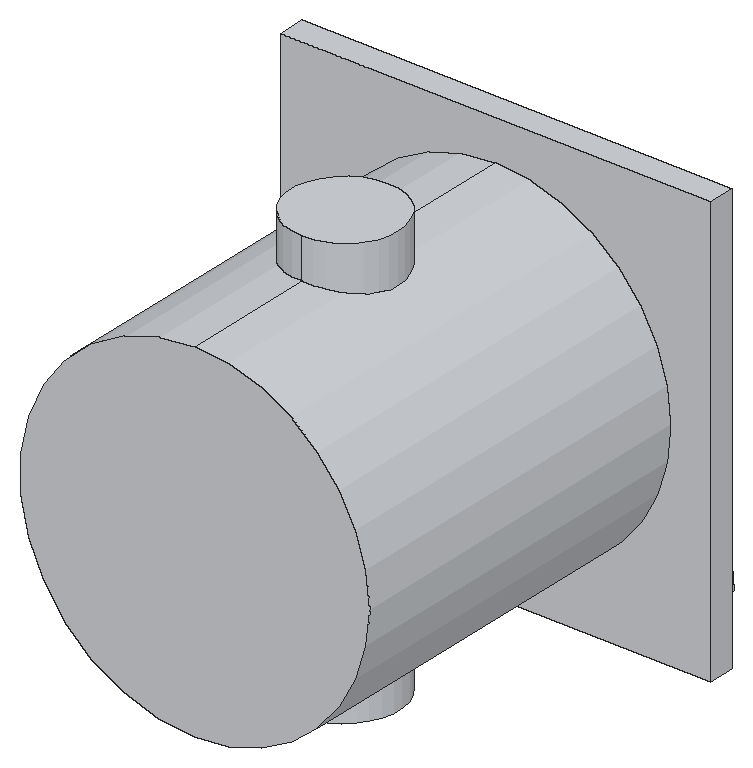
Revit family "LS_Serienschalter_V1700", category Lichtschalter, Revit 2017
Family settings
  Beschriftungsausrichtung beibehalten = Nein
  Bemaßung runder Anschluss = Durchmesser verwenden
  Teiletyp = Schalter
  OmniClass-Nummer = 23.85.80.11.27
  OmniClass-Titel = Lighting Controls
  Arbeitsebenenbasiert = Nein
  Immer vertikal = Ja
  Beim Laden mit Abzugskörper schneiden = Nein
  Gemeinsam genutzt = Nein
  Raumberechnungspunkt = Nein
Parameters (values of type "allgemein")
  pbr_Material_KZ = ""
  pbr_Material = none
  pbr_E_Typ = ""
  pbr_E_KZ = ""
  pbr_DINBild = 0
  pbr_Bild = 0
  pbr_3Dx_Delta_Korrekturversatz [instance] = 0 mm
  pbr_3DX_Versatzfaktor [instance] = 0
  pbr_2DY_Versatzfaktor [instance] = 2
  pbr_2DX_Versatzfaktor [instance] = 2
  lfd_STRK [instance] = 0
  cpiFitMatchKey [instance] = "E-LS-SCS-1"
  Zentrale [instance] = ""
  YFrontversatz [instance] = if(pbr_2DY_Versatzfaktor = 300, 0 mm, pbr_2DY_Versatzfaktor * 300 mm)  # 600 mm
  XSeitenversatz [instance] = if(pbr_2DX_Versatzfaktor = 0, 3000 mm, 3000 mm + (pbr_2DX_Versatzfaktor * 300 mm)) + Eckversatz  # 3600 mm
  Typ [instance] = ""
  Text3 [instance] = ""
  Text2 [instance] = ""
  Text1 [instance] = ""
  Serienschalter mit Leuchte = no
  Serienschalter = yes
  Schaltgruppe2 [instance] = 0
  Schaltgruppe1 [instance] = 0
  R_Leerrohranschluss = 10 mm
  Planungsbüro Rohling = "www.pbr.de"
  Niveau [instance] = 1100 mm
  Netzart = ""
  Menge(Dosenzahl) [instance] = 0
  Linie/Anschluss [instance] = ""
  Lastklassifizierung = none
  Installationsart [instance] = ""
  Info [instance] = ""
  IFC = ""
  Gewerk [instance] = "Schalt"
  Eckversatz [instance] = 0 mm
  Dosentiefe = 70 mm  # constant formula
  Dosenradius = 65 mm / 2  # 32.5 mm
  D_Leerrohranschluss = 2 * R_Leerrohranschluss  # 20 mm
  Breite = 80 mm
  3DX_Versatzkontrolle [instance] = if(pbr_3DX_Versatzfaktor = 0, (pbr_2DX_Versatzfaktor * -1), (((-1 * pbr_3DX_Versatzfaktor) + pbr_2DX_Versatzfaktor) * -1))  # -2
  3DX_Versatz [instance] = if([3DX_Versatzkontrolle] = 0, 2000 mm, 2000 mm + ([3DX_Versatzkontrolle] * (300 mm - Breite))) + pbr_3Dx_Delta_Korrekturversatz  # 1560 mm
  Platzierrahmen [instance] = no
Types (2, lengths in mm): name | pbr_2DY_Versatzfaktor | pbr_2DX_Versatzfaktor | YFrontversatz | XSeitenversatz | Serienschalter mit Leuchte | Serienschalter | 3DX_Versatzkontrolle | 3DX_Versatz
  allgemein | 2 | 2 | 600 | 3600 | no | yes | -2 | 1560
  Leuchte | 0 | 0 | 0 | 3000 | yes | no | 0 | 2000
Reference planes
  plane 1 "Mitte (Vorne/Hinten)": y = 0
  plane 2: z = 0
  plane 3 "Mitte (Links/Rechts)": x = 0
  plane 4: x = -125
  plane 5: x = 125
  plane 6: x = -40
  plane 7: x = 40
  plane 8: z = 1140
  plane 9: z = 1060
  plane 10 "SchalterVorne": y = 5
  plane 11 "3DSchalterMitte": x = 0
  plane 12: z = 1100
  plane 13: y = -70
  plane 14: y = -35
  plane 15: x = 600
  plane 16: x = -3000
  plane 17: y = 600
Forms (mm)
  Extrusion 1, solid
    sketch origin (0, 20, 0) x (0, 0, 1) y (-1, 0, 0)
      loop
        line (1060, 40) -> (1060, -40) -> (1140, -40) -> (1140, 40) -> (1060, 40)
    from 15 to 20
  Sweep 2, solid
    path origin (0, 0, 0) x (0, 0, 1) y (0, -1, 0)
      loop
        line (1100, 0) -> (1100, 70)
    profile origin (0, -35, 1100) x (0, 0, -1) y (1, 0, 0)
      loop
        circle (0, 0) r 32.5
  Sweep 3, solid
    path origin (0, 0, 0) x (1, 0, 0) y (0, 1, 0)
      loop
        line (-32.5, 0) -> (32.5, 0)
    profile origin (0, 0, 0) x (0, 1, 0) y (0, 0, 1)
      loop
        line (5, 1135) -> (5, 1066.102) -> (14.712, 1066.102) -> (7.47, 1135) -> (5, 1135)
  Sweep 4, solid
    path origin (0, 0, 0) x (0, 0, 1) y (0, -1, 0)
      loop
        line (1060, 35) -> (1140, 35)
    profile origin (0, -35, 1100) x (0, -1, 0) y (1, 0, 0)
      loop
        circle (0, 0) r 10
Cuts and joins
  joined: Sweep 2, Sweep 4
Dimensions and locks
  plane 4 to plane 5 = 250 mm
  plane 7 to plane 6 = 80 mm
  plane 8 to plane 9 = 80 mm
  equal spacing: plane 7, plane 11 "3DSchalterMitte", plane 6
  equal spacing: plane 8, plane 12, plane 9
  "Niveau": plane 12 to level
  "Dosentiefe": plane 1 "Mitte (Vorne/Hinten)" to plane 13
  plane 10 "SchalterVorne" to plane 1 "Mitte (Vorne/Hinten)" = 5 mm
  equal spacing: plane 13, plane 14, plane 1 "Mitte (Vorne/Hinten)"
  locked: Sweep 3 sketch curve to plane 8 at 5
  "Breite": plane 7 to plane 6
  locked: plane 16 to plane 11 "3DSchalterMitte" at 3000
  "XSeitenversatz": plane 16 to plane 15
  "YFrontversatz": plane 1 "Mitte (Vorne/Hinten)" to plane 17
  "Dosenradius": radius of Sweep 2 sketch curve
  "R_Leerrohranschluss": radius of Sweep 4 sketch curve
  aligned and locked: level to plane 2
  aligned and locked: plane 9 to Extrusion 1 sketch curve
  aligned and locked: Extrusion 1 sketch curve to plane 6
  aligned and locked: Extrusion 1 sketch curve to plane 8
  aligned and locked: plane 7 to Extrusion 1 sketch curve
  aligned and locked: plane 1 "Mitte (Vorne/Hinten)" to Extrusion 1
  aligned and locked: Extrusion 1 to plane 10 "SchalterVorne"
  aligned and locked: plane 15 to nested 2
  aligned and locked: nested 2 to plane 17
  aligned and locked: nested 1 to nested 2  (x2)
Automatic sketch dimensions
  Sweep 4 sketch curve to plane 9 = 0 mm
  plane 8 to Sweep 4 sketch curve = 0 mm
  Sweep 4 sketch curve to plane 14 = 0 mm
  Sweep 4 sketch curve to plane 11 "3DSchalterMitte" = 0 mm
  Sweep 4 sketch curve to profile plane = 0 mm
  Sweep 2 sketch curve to plane 12 = 0 mm
  Sweep 2 sketch curve to plane 1 "Mitte (Vorne/Hinten)" = 0 mm
  Sweep 2 sketch curve to plane 13 = 0 mm
  Sweep 2 sketch curve to plane 11 "3DSchalterMitte" = 0 mm
  Sweep 2 sketch curve to profile plane = 0 mm
  plane 1 "Mitte (Vorne/Hinten)" to Sweep 3 sketch curve = 0 mm
  plane 6 to Sweep 3 sketch curve = 7.5 mm
  Sweep 3 sketch curve to plane 7 = 7.5 mm
  Sweep 3 sketch curve to profile plane = 5 mm
  Sweep 3 sketch curve to Sweep 3 sketch curve = 2.47 mm
  Sweep 3 sketch curve to Sweep 3 sketch curve = 9.712 mm
  Sweep 3 sketch curve to Sweep 3 sketch curve = 68.898 mm
Nested families
  nested 1: "Serienschalter" at (600, 600, 0), visible <- "Serienschalter", type "Serienschalter"
  nested 2: "Serienschalter mit Beleuchtung" at (600, 600, 0), visible <- "Serienschalter mit Leuchte", type "Serienschalter mit Beleuchtung"
Connectors
  electrical at (0, -35, 1140)
    settings: on cut or joined group of Sweep 2, Sweep 4, index 3, voltage 230 V, apparent load 0 VA, apparent load phase1 0 VA, apparent load phase2 0 VA, apparent load phase3 0 VA, power factor 1, load classification "Standard", number of poles 1, system type 13, power factor state 1, is connector primary yes, connector utility no, sub classification motor no, connector description ""
  cabletrayconduit at (0, -35, 1140), diameter 20, driven by "D_Leerrohranschluss"
    settings: on cut or joined group of Sweep 2, Sweep 4, index 4, connector width 300 mm, connector height 300 mm, connector angle 0.00°, system type 32, placement type 0, profile type 0, connector reference index -1, is primary connector yes, connector utility param no, connector description ""
  cabletrayconduit at (0, -35, 1060), diameter 20, driven by "D_Leerrohranschluss"
    settings: on cut or joined group of Sweep 2, Sweep 4, index 5, connector width 300 mm, connector height 300 mm, connector angle 0.00°, system type 32, placement type 0, profile type 0, connector reference index -1, is primary connector no, connector utility param no, connector description ""
Definition of nested family "Serienschalter"
  Reference planes
    plane 1 "Mitte (Vorne/Hinten)": y = 0
    plane 2: z = 0
    plane 3 "Mitte (Links/Rechts)": x = 0
  Lines and regions (mm)
    detail lines, in view "Referenzebene"
      curve 1: circle (-2.109, 63.227, 0) r 66.5 normal (0, 0, 1)
      curve 2: line (29.04, 121.98, 0) -> (150.944, 263.954, 0)
      curve 3: line (150.944, 263.954, 0) -> (195.044, 219.456, 0)
      curve 4: line (-33.258, 121.98, 0) -> (-155.161, 263.954, 0)
      curve 5: line (-155.161, 263.954, 0) -> (-199.262, 219.456, 0)
Definition of nested family "Serienschalter mit Beleuchtung"
  Reference planes
    plane 1 "Mitte (Vorne/Hinten)": y = 0
    plane 2: z = 0
    plane 3 "Mitte (Links/Rechts)": x = 0
  Lines and regions (mm)
    detail lines, in view "Referenzebene"
      curve 1: circle (-2.109, 66.924, 0) r 66.5 normal (0, 0, 1)
      curve 2: line (-49.131, 113.946, 0) -> (44.914, 19.901, 0)
      curve 3: line (-49.131, 19.901, 0) -> (44.914, 113.946, 0)
      curve 4: line (29.04, 125.677, 0) -> (150.944, 267.65, 0)
      curve 5: line (150.944, 267.65, 0) -> (195.044, 223.153, 0)
      curve 6: line (-33.258, 125.677, 0) -> (-155.161, 267.65, 0)
      curve 7: line (-155.161, 267.65, 0) -> (-199.262, 223.153, 0)
